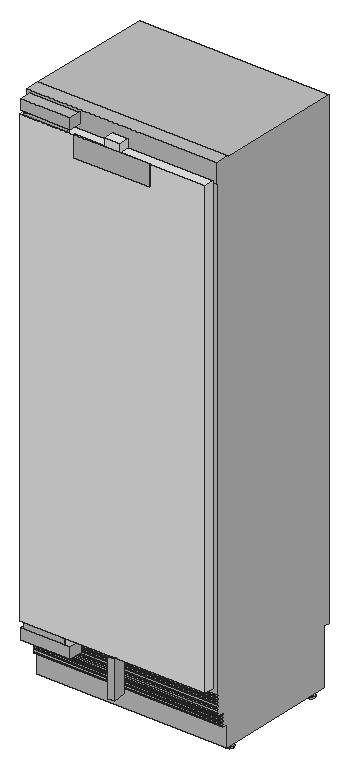
Revit family "FP-Revit18-RS7621FLJK1-Freezer-0-AS-AU-CN-EU-IE-NZ-SG-UK-90001110A", category Specialty Equipment, Revit 2020
Family settings
  Round Connector Dimension = Use Diameter
  Part Type = Normal
  OmniClass Number = 23.40.40.11.11
  OmniClass Title = Refrigerators and Freezers
  Work Plane-Based = No
  Always vertical = Yes
  Cut with Voids When Loaded = Yes
  Shared = No
  Room Calculation Point = No
Parameters (values of type "RS7621FLJE1")
  Visibility - Water Connection = no
  Visibility - Visibility Control Note = yes
  Visibility - Clearance Required = yes
  URL = "www.fisherpaykel.com"
  Stainless Steel Door Panels (RD7621L10D) = no
  Product - Width = 756 mm  # constant formula
  Product - Height = 2134 mm  # constant formula
  Product - Depth (exl front panel) = 610 mm  # constant formula
  Model = "RS7621FLJE1"
  Material - Handle = Fisher & Paykel - Aluminium
  Material - Door Structure = Fisher & Paykel - White
  Material - Door Front = Fisher & Paykel - Stainless Steel
  Material - Body = Fisher & Paykel - Grey
  Manufacturer = "Fisher & Paykel Appliances"
  Handle Style - Contemporary Square (AHD3-RD21) = no
  Handle Style - Contemporary Round (AHS-RD21) = no
  Description = "76cm Integrated Column Freezer, stainless steel interior"
  Default Elevation = 0 mm
  Connector Description - Water = "Water Supply not required"
  Connector Description - Electrical = "230 V,10 A fused electrical supply"
  Cavity - Width = 762 mm  # constant formula
  Cavity - Height = 2134 mm  # constant formula
  Cavity - Depth = 650 mm  # constant formula
Types (4, lengths in mm): name | Visibility - Water Connection | Model | Description | Connector Description - Water
  (no name) | no | "RS7621FLJE1" | "76cm Integrated Column Freezer, stainless steel interior" | "Water Supply not required"
  RS7621FLJK1 | yes | "RS7621FLJK1" | "76cm Integrated Column Freezer with internal ice maker, stainless steel interior" | "1/2 BSP Stainless steel braided hose"
  RS7621FLJE1 | no | "RS7621FLJE1" | "76cm Integrated Column Freezer, stainless steel interior" | "Water Supply not required"
  RS7621FLJ1 | yes | "RS7621FLJ1" | "76cm Integrated Column Freezer with internal ice maker, white interior" | "1/2 BSP Stainless steel braided hose"
Reference planes
  plane 1 "Datum": y = 0
  plane 2: z = 0
  plane 3 "Center (Left/Right)": x = 0
  plane 4 "Product LHS": x = -378
  plane 5 "Product RHS": x = 378
  plane 6 "Product - Depth": y = 610
  plane 7 "Cavity LHS": x = -381
  plane 8 "Cavity RHS": x = 381
  plane 9 "Cavity - Depth": y = 628
  plane 10 "Handle Offset": x = 315
  plane 11 "Product Height": z = 2134
  plane 12 "Cavity Height": z = 2134
  plane 13 "Door Panel Datum": y = -4.1
Forms (mm)
  Extrusion 1, solid, material "Fisher & Paykel - Grey" <- "Material - Body", detail levels fine
    sketch origin (0, 0, 0) x (0, 1, 0) y (0, 0, 1)
      loop
        line (100.1, 19.1) -> (587.9, 19.1) -> (587.9, 239.7) -> (610, 239.7) -> (610, 2131.9) -> (105.1, 2131.9) -> (105.1, 2134) -> (49.9, 2134) -> (49.9, 2059) -> (56, 2059) -> (56, 228.6) -> (59.5, 228.6) -> (59.5, 219.7) -> (56.5, 219.7) -> (56.5, 215.9) -> (59.5, 215.9) -> (59.5, 207) -> (56.5, 207) -> (56.5, 203.2) -> (59.5, 203.2) -> (59.5, 194.3) -> (56.5, 194.3) -> (56.5, 190.5) -> (59.5, 190.5) -> (59.5, 181.6) -> (56.5, 181.6) -> (56.5, 177.8) -> (59.5, 177.8) -> (59.5, 168.9) -> (56.5, 168.9) -> (56.5, 165.1) -> (59.5, 165.1) -> (59.5, 156.2) -> (56.5, 156.2) -> (56.5, 152.4) -> (84.1, 152.4) -> (84.1, 143.5) -> (81.1, 143.5) -> (81.1, 139.7) -> (84.1, 139.7) -> (84.1, 130.8) -> (81.1, 130.8) -> (81.1, 127) -> (84.1, 127) -> (84.1, 118.1) -> (81.1, 118.1) -> (81.1, 114.3) -> (84.1, 114.3) -> (84.1, 105.4) -> (81.1, 105.4) -> (81.1, 101.6) -> (100.1, 101.6) -> (100.1, 19.1)
    from -378 to 378
  Extrusion 2, solid, material "Fisher & Paykel - Grey" <- "Material - Body"
    sketch origin (0, 0, 0) x (1, 0, 0) y (0, 1, 0)
      loop
        circle (-357.5, 547.8) r 4.1
      loop
        circle (-357.5, 141.8) r 4.1
      loop
        circle (357.5, 547.8) r 4.1
      loop
        circle (357.5, 141.8) r 4.1
    from 3 to 19.1
  Extrusion 3, solid, material "Fisher & Paykel - Grey" <- "Material - Body"
    sketch origin (0, 0, 0) x (1, 0, 0) y (0, 1, 0)
      loop
        circle (-357.5, 547.8) r 14.5
      loop
        circle (-357.5, 141.8) r 14.555
      loop
        circle (357.5, 547.8) r 14.5
      loop
        circle (357.5, 141.8) r 14.555
    from 0 to 3
  Extrusion 4, solid, material "Fisher & Paykel - Grey" <- "Material - Body", detail levels fine
    sketch origin (0, 0, 0) x (1, 0, 0) y (0, 1, 0)
      loop
        line (-7.5, 49) -> (-13.797, -4.1) -> (13.797, -4.1) -> (7.5, 49) -> (-7.5, 49)
    from 104.2 to 254.2
  Extrusion 5, solid, material "Fisher & Paykel - Grey" <- "Material - Body", detail levels fine
    sketch origin (0, 0, 0) x (0, 1, 0) y (0, 0, 1)
      loop
        line (0, 2070.6) -> (0, 1988.6) -> (2, 1988.6) -> (2, 2068.6) -> (4, 2068.6) -> (4, 2070.6) -> (0, 2070.6)
    from -150 to 150
  Extrusion 6, solid, material "Fisher & Paykel - Grey" <- "Material - Body"
    sketch origin (0, 0, 0) x (1, 0, 0) y (0, 0, 1)
      loop
        circle (303, 119.813) r 5
      loop
        circle (-303, 119.813) r 5
    from -590 to -587.9
  Extrusion 7, solid, material "Fisher & Paykel - White" <- "Material - Door Structure"
    sketch origin (0, 0, 0) x (1, 0, 0) y (0, 1, 0)
      loop
        line (-353, 56) -> (-353, 42) -> (353, 42) -> (353, 56) -> (-353, 56)
    from 269.6 to 2030.7
  Extrusion 8, solid, material "Fisher & Paykel - White" <- "Material - Door Structure"
    sketch origin (0, 0, 0) x (1, 0, 0) y (0, 1, 0)
      loop
        line (-369.4, 42) -> (-369.4, 3) -> (369.4, 3) -> (369.4, 42) -> (-369.4, 42)
    from 254.2 to 2068.6
  Extrusion 9, solid, material "Fisher & Paykel - White" <- "Material - Door Structure", detail levels fine
    sketch origin (0, 0, 0) x (1, 0, 0) y (0, 0, 1)
      loop
        line (-29.5, 2100.1) -> (-29.5, 2068.6) -> (29.5, 2068.6) -> (29.5, 2100.1) -> (-29.5, 2100.1)
    from -42 to -3
  Extrusion 10, solid, material "Fisher & Paykel - Stainless Steel" <- "Material - Door Front", visible <- "Stainless Steel Door Panels (RD7621L10D)"
    sketch origin (0, 0, 0) x (0, 1, 0) y (0, 0, 1)
      loop
        line (-22.1, 2130.8) -> (-22.1, 102) -> (-4.1, 102) -> (-4.1, 2130.8) -> (-22.1, 2130.8)
    from -378 to 378
  Extrusion 11, solid, material "Fisher & Paykel - Grey" <- "Material - Body", detail levels coarse+medium
    sketch origin (0, 0, 0) x (0, 1, 0) y (0, 0, 1)
      loop
        line (49.9, 2134) -> (49.9, 2059) -> (56, 2059) -> (56, 152.4) -> (81.1, 152.4) -> (81.1, 101.6) -> (100.1, 101.6) -> (100.1, 19.1) -> (587.9, 19.1) -> (587.9, 239.7) -> (610, 239.7) -> (610, 2134) -> (49.9, 2134)
    from -378 to 378
  Extrusion 12, solid, material "Fisher & Paykel - Grey" <- "Material - Body", detail levels fine
    sketch origin (0, 0, 0) x (-1, 0, 0) y (0, 0, -1)
      loop
        line (366.4, -187.65) -> (168.42, -187.65) -> (168.42, -229.75) -> (366.4, -229.75) -> (366.4, -187.65)
    from -56 to -2.5
  Extrusion 13, solid, material "Fisher & Paykel - Grey" <- "Material - Body", detail levels fine
    sketch origin (0, 0, 0) x (-1, 0, 0) y (0, 0, -1)
      loop
        line (366.4, -2123.15) -> (366.4, -2081.05) -> (168.42, -2081.05) -> (168.42, -2123.15) -> (366.4, -2123.15)
    from -49 to -2.5
  Extrusion 14, solid, material "Fisher & Paykel - Grey" <- "Material - Body", detail levels fine
    sketch origin (0, 0, -4) x (0, 1, 0) y (0, 0, 1)
      loop
        arc (163.888, 23.1) -> (180.4, 13.63) -> (196.912, 23.1) r 19.13
        line (196.912, 23.1) -> (163.888, 23.1)
      loop
        arc (493.888, 23.1) -> (510.4, 13.63) -> (526.912, 23.1) r 19.13
        line (526.912, 23.1) -> (493.888, 23.1)
    from 191 to 219
  Extrusion 15, solid, material "Fisher & Paykel - Grey" <- "Material - Body", detail levels fine
    sketch origin (0, 0, -4) x (0, 1, 0) y (0, 0, -1)
      loop
        line (163.888, -23.1) -> (196.912, -23.1)
        arc (196.912, -23.1) -> (180.4, -13.63) -> (163.888, -23.1) r 19.13
      loop
        line (493.888, -23.1) -> (526.912, -23.1)
        arc (526.912, -23.1) -> (510.4, -13.63) -> (493.888, -23.1) r 19.13
    from 191 to 219
  Extrusion 16, solid, material "Fisher & Paykel - Clearance Required", visible <- "Visibility - Clearance Required", detail levels coarse
    sketch origin (0, 0, 0) x (1, 0, 0) y (0, 1, 0)
      loop
        line (-381, 628) -> (-381, -4.1) -> (381, -4.1) -> (381, 628) -> (-381, 628)
    from 0 to 2134
  Extrusion 17, void
    sketch origin (0, 0, 0) x (1, 0, 0) y (0, 1, 0)
      loop
        line (-381, 628) -> (-381, -22.1) -> (381, -22.1) -> (381, 628) -> (-381, 628)
    from 0 to 2134
  Extrusion 18, solid, material "Fisher & Paykel - Grey" <- "Material - Body", detail levels fine
    sketch origin (-73, 0, 0) x (-1, 0, 0) y (0, 0, -1)
      loop
        line (118.4, -254.2) -> (282.9, -254.2) -> (282.9, -229.75) -> (118.4, -229.75) -> (118.4, -254.2)
      loop
        line (106, -2081.05) -> (242.9, -2081.05) -> (282.9, -2076.05) -> (282.9, -2068.6) -> (106, -2068.6) -> (106, -2081.05)
    from -7 to -4
  Extrusion 19, solid, material "Fisher & Paykel - Clearance Required", visible <- "Visibility - Clearance Required", detail levels coarse
    sketch origin (0, 0, 0) x (-1, 0, 0) y (0, -1, 0)
      loop
        line (-328.5, 22) -> (378.07, 22)
        arc (378.07, 22) -> (380.987, 57.006) -> (415.929, 60.595) r 27.504
        line (415.929, 60.595) -> (697.006, 665.395) -> (723.253, 653.197)
        arc (723.253, 653.197) -> (747.815, 662.137) -> (738.875, 686.699) r 18.483
        line (738.875, 686.699) -> (712.602, 698.95) -> (734.607, 746.265)
        arc (734.607, 746.265) -> (-22.041, 691.901) -> (-377.998, 22) r 783.526
        line (-377.998, 22) -> (-328.5, 22)
    from 0 to 2134
Lines and regions (mm)
  model lines, style "Fisher & Paykel"
    curve 1: line (-378, -4.1, 2130.8) -> (378, -4.1, 2130.8)
    curve 2: line (-378, -4.1, 102) -> (-378, -4.1, 2130.8)
    curve 3: line (378, -4.1, 102) -> (-378, -4.1, 102)
    curve 4: line (378, -4.1, 2130.8) -> (378, -4.1, 102)
Text (mm)
  text "Due to ongoing product development, product details are subject to change without notice. \nPlease always refer to www.fisherpaykel.com for the most current product information. \n© Fisher & Paykel 2020" at (41.04, -848.295, 0), in view "Ref. Level (Plan)"
Dimensions and locks
  equal spacing: plane 4 "Product LHS", plane 3 "Center (Left/Right)", plane 5 "Product RHS"
  "Product - Width": plane 4 "Product LHS" to plane 5 "Product RHS"
  "Product - Depth (exl front panel)": plane 1 "Datum" to plane 6 "Product - Depth"
  equal spacing: plane 7 "Cavity LHS", plane 3 "Center (Left/Right)", plane 8 "Cavity RHS"
  "Cavity - Width": plane 7 "Cavity LHS" to plane 8 "Cavity RHS"
  plane 4 "Product LHS" to Extrusion 2 sketch curve = 24.6 mm
  Extrusion 6 sketch curve to Extrusion 1 = 119.887 mm  (x2)
  Extrusion 6 sketch curve to plane 5 "Product RHS" = 75 mm
  plane 4 "Product LHS" to Extrusion 6 sketch curve = 75 mm
  Extrusion 1 sketch curve to Extrusion 1 sketch curve = 82.5 mm
  Extrusion 1 sketch curve to Extrusion 1 sketch curve = 209.5 mm
  Extrusion 1 sketch curve to Extrusion 1 sketch curve = 220.6 mm
  Extrusion 3 to level = 3 mm
  Extrusion 11 to Extrusion 8 = 235.1 mm
  Extrusion 11 to Extrusion 7 = 250.5 mm
  Extrusion 11 to Extrusion 11 = 2114.9 mm
  Extrusion 11 to Extrusion 10 = 82.9 mm
  "Product - Height": level to plane 11 "Product Height"
  plane 11 "Product Height" to Extrusion 10 = 3.2 mm
  Extrusion 8 to plane 11 "Product Height" = 65.4 mm
  Extrusion 7 to plane 11 "Product Height" = 103.3 mm
  Extrusion 11 sketch curve to plane 11 "Product Height" = 75 mm
  Extrusion 1 sketch curve to plane 11 "Product Height" = 2.1 mm
  Extrusion 1 sketch curve to plane 11 "Product Height" = 75 mm
  "Cavity - Height": plane 12 "Cavity Height" to level
  Extrusion 18 sketch curve to Extrusion 18 sketch curve = 40 mm
  Extrusion 18 sketch curve to Extrusion 18 sketch curve = 176.9 mm
  plane 3 "Center (Left/Right)" to Extrusion 18 sketch curve = 179 mm
  plane 3 "Center (Left/Right)" to Extrusion 18 sketch curve = 191.4 mm
  plane 3 "Center (Left/Right)" to Extrusion 18 sketch curve = 355.9 mm
  plane 3 "Center (Left/Right)" to Extrusion 13 sketch curve = 168.42 mm
  plane 3 "Center (Left/Right)" to Extrusion 12 sketch curve = 168.42 mm
  "Cavity - Depth": Extrusion 17 to Extrusion 19
  Extrusion 19 to plane 1 "Datum" = 22 mm
  radius of Extrusion 6 sketch curve = 5 mm
  aligned and locked: level to plane 2
  aligned and locked: Extrusion 10 to plane 5 "Product RHS"
  aligned and locked: plane 4 "Product LHS" to Extrusion 10
  aligned and locked: Extrusion 11 to plane 5 "Product RHS"
  aligned and locked: Extrusion 11 to plane 4 "Product LHS"
  aligned and locked: Extrusion 11 sketch curve to plane 11 "Product Height"
  aligned and locked: plane 11 "Product Height" to Extrusion 1 sketch curve
  aligned and locked: Extrusion 14 sketch curve to Extrusion 14 sketch curve
  aligned and locked: Extrusion 15 sketch curve to Extrusion 15 sketch curve
  aligned and locked: Extrusion 1 to plane 5 "Product RHS"
  aligned and locked: plane 4 "Product LHS" to Extrusion 1
  aligned and locked: Extrusion 11 sketch curve to Extrusion 1  (x4)
  aligned and locked: Extrusion 2 to Extrusion 1
  aligned and locked: nested 2 to plane 10 "Handle Offset"
  aligned and locked: nested 3 to plane 10 "Handle Offset"
Automatic sketch dimensions
  plane 1 "Datum" to Extrusion 4 sketch curve = 4.1 mm
  Extrusion 4 sketch curve to plane 3 "Center (Left/Right)" = 13.797 mm
  Extrusion 4 sketch curve to plane 3 "Center (Left/Right)" = 7.5 mm
  plane 3 "Center (Left/Right)" to Extrusion 4 sketch curve = 7.5 mm
  plane 3 "Center (Left/Right)" to Extrusion 4 sketch curve = 13.797 mm
  Extrusion 4 sketch curve to plane 1 "Datum" = 49 mm
  Extrusion 5 sketch curve to plane 1 "Datum" = 0 mm
  Extrusion 5 sketch curve to plane 1 "Datum" = 2 mm
  Extrusion 5 sketch curve to Extrusion 5 sketch curve = 2 mm  (x2)
  plane 11 "Product Height" to Extrusion 5 sketch curve = 145.4 mm
  plane 11 "Product Height" to Extrusion 5 sketch curve = 65.4 mm
  Extrusion 9 sketch curve to plane 3 "Center (Left/Right)" = 29.5 mm
  plane 3 "Center (Left/Right)" to Extrusion 9 sketch curve = 29.5 mm
  plane 11 "Product Height" to Extrusion 9 sketch curve = 65.4 mm
  Extrusion 9 sketch curve to Extrusion 9 sketch curve = 31.5 mm
  Extrusion 16 sketch curve to plane 7 "Cavity LHS" = 0 mm
  Extrusion 16 sketch curve to plane 8 "Cavity RHS" = 0 mm
  Extrusion 16 sketch curve to plane 9 "Cavity - Depth" = 0 mm
  plane 1 "Datum" to Extrusion 16 sketch curve = 4.1 mm
  Extrusion 17 sketch curve to plane 7 "Cavity LHS" = 0 mm
  Extrusion 17 sketch curve to plane 8 "Cavity RHS" = 0 mm
  plane 9 "Cavity - Depth" to Extrusion 17 sketch curve = 0 mm
  plane 1 "Datum" to Extrusion 17 sketch curve = 22.1 mm
  Extrusion 1 sketch curve to plane 6 "Product - Depth" = 0 mm
  Extrusion 1 sketch curve to Extrusion 1 sketch curve = 22.1 mm
  Extrusion 1 sketch curve to plane 1 "Datum" = 105.1 mm
  level to Extrusion 1 sketch curve = 19.1 mm
  Extrusion 1 sketch curve to plane 1 "Datum" = 100.1 mm
  Extrusion 1 sketch curve to Extrusion 1 sketch curve = 16 mm
  Extrusion 1 sketch curve to Extrusion 1 sketch curve = 0 mm  (x8)
  Extrusion 1 sketch curve to Extrusion 1 sketch curve = 3 mm  (x10)
  Extrusion 1 sketch curve to plane 1 "Datum" = 59.5 mm
  Extrusion 1 sketch curve to plane 1 "Datum" = 56 mm
  Extrusion 1 sketch curve to plane 1 "Datum" = 49.9 mm
  Extrusion 1 sketch curve to Extrusion 1 sketch curve = 3.8 mm  (x10)
  Extrusion 1 sketch curve to Extrusion 1 sketch curve = 8.9 mm  (x9)
  Extrusion 2 sketch curve to plane 4 "Product LHS" = 20.5 mm  (x2)
  plane 5 "Product RHS" to Extrusion 2 sketch curve = 20.5 mm  (x2)
  Extrusion 2 sketch curve to plane 1 "Datum" = 141.8 mm  (x2)
  Extrusion 2 sketch curve to plane 6 "Product - Depth" = 62.2 mm  (x2)
  Extrusion 3 sketch curve to plane 4 "Product LHS" = 20.5 mm  (x2)
  plane 5 "Product RHS" to Extrusion 3 sketch curve = 20.5 mm  (x2)
  Extrusion 3 sketch curve to plane 1 "Datum" = 141.8 mm  (x2)
  Extrusion 3 sketch curve to plane 6 "Product - Depth" = 62.2 mm  (x2)
  Extrusion 7 sketch curve to plane 4 "Product LHS" = 25 mm
  plane 5 "Product RHS" to Extrusion 7 sketch curve = 25 mm
  Extrusion 7 sketch curve to plane 1 "Datum" = 42 mm
  Extrusion 7 sketch curve to Extrusion 7 sketch curve = 14 mm
  Extrusion 8 sketch curve to plane 1 "Datum" = 3 mm
  Extrusion 8 sketch curve to plane 4 "Product LHS" = 8.6 mm
  plane 5 "Product RHS" to Extrusion 8 sketch curve = 8.6 mm
  Extrusion 8 sketch curve to Extrusion 8 sketch curve = 39 mm
  plane 1 "Datum" to Extrusion 10 sketch curve = 22.1 mm
  plane 1 "Datum" to Extrusion 10 sketch curve = 4.1 mm
  level to Extrusion 10 sketch curve = 102 mm
  plane 11 "Product Height" to Extrusion 10 sketch curve = 3.2 mm
  Extrusion 11 sketch curve to plane 6 "Product - Depth" = 0 mm
  Extrusion 11 sketch curve to plane 6 "Product - Depth" = 22.1 mm
  Extrusion 11 sketch curve to plane 1 "Datum" = 100.1 mm
  Extrusion 11 sketch curve to Extrusion 11 sketch curve = 19 mm
  Extrusion 11 sketch curve to plane 1 "Datum" = 56 mm
  Extrusion 11 sketch curve to plane 1 "Datum" = 49.9 mm
  Extrusion 11 sketch curve to Extrusion 11 sketch curve = 50.8 mm
  plane 4 "Product LHS" to Extrusion 12 sketch curve = 11.6 mm
  Extrusion 12 sketch curve to level = 187.65 mm
  Extrusion 12 sketch curve to Extrusion 12 sketch curve = 42.1 mm
  plane 4 "Product LHS" to Extrusion 13 sketch curve = 11.6 mm
  Extrusion 13 sketch curve to plane 11 "Product Height" = 52.95 mm
  Extrusion 13 sketch curve to plane 11 "Product Height" = 10.85 mm
  level to Extrusion 14 sketch curve = 19.1 mm
  Extrusion 14 sketch curve to plane 1 "Datum" = 163.888 mm
  Extrusion 14 sketch curve to Extrusion 14 sketch curve = 16.512 mm  (x2)
  Extrusion 14 sketch curve to plane 6 "Product - Depth" = 116.112 mm
  Extrusion 14 sketch curve to Extrusion 14 sketch curve = 9.66 mm  (x2)
  level to Extrusion 15 sketch curve = 19.1 mm
  Extrusion 15 sketch curve to plane 1 "Datum" = 163.888 mm
  Extrusion 15 sketch curve to Extrusion 15 sketch curve = 16.512 mm  (x2)
  Extrusion 15 sketch curve to plane 6 "Product - Depth" = 116.112 mm
  Extrusion 15 sketch curve to Extrusion 15 sketch curve = 9.66 mm  (x2)
  Extrusion 18 sketch curve to level = 229.75 mm
  Extrusion 18 sketch curve to Extrusion 18 sketch curve = 24.45 mm
  Extrusion 18 sketch curve to plane 11 "Product Height" = 65.4 mm
  Extrusion 18 sketch curve to Extrusion 18 sketch curve = 7.45 mm
  Extrusion 18 sketch curve to Extrusion 18 sketch curve = 5 mm
  Extrusion 19 sketch curve to plane 5 "Product RHS" = 0.002 mm
  plane 10 "Handle Offset" to Extrusion 19 sketch curve = 13.5 mm
  Extrusion 19 sketch curve to plane 4 "Product LHS" = 0.07 mm
  Extrusion 19 sketch curve to plane 7 "Cavity LHS" = 19.621 mm
  Extrusion 19 sketch curve to Extrusion 19 sketch curve = 4.795 mm
  Extrusion 19 sketch curve to Extrusion 19 sketch curve = 10.514 mm
  Extrusion 19 sketch curve to plane 7 "Cavity LHS" = 316.006 mm
  Extrusion 19 sketch curve to Extrusion 19 sketch curve = 15.596 mm
  Extrusion 19 sketch curve to Extrusion 19 sketch curve = 26.247 mm
  Extrusion 19 sketch curve to Extrusion 19 sketch curve = 7.811 mm  (x2)
  Extrusion 19 sketch curve to Extrusion 19 sketch curve = 22.005 mm
  Extrusion 19 sketch curve to plane 1 "Datum" = 746.265 mm
  Extrusion 19 sketch curve to Extrusion 19 sketch curve = 47.315 mm
  Extrusion 19 sketch curve to Extrusion 19 sketch curve = 12.251 mm
  Extrusion 19 sketch curve to Extrusion 19 sketch curve = 16.751 mm
  Extrusion 19 sketch curve to Extrusion 19 sketch curve = 12.198 mm
  Extrusion 19 sketch curve to Extrusion 19 sketch curve = 22.85 mm
  plane 5 "Product RHS" to curve 1 = 0 mm
  plane 4 "Product LHS" to curve 3 = 0 mm
  level to curve 3 = 102 mm
  plane 11 "Product Height" to curve 2 = 3.2 mm
  radius of Extrusion 2 sketch curve = 4.1 mm  (x3)
  radius of Extrusion 3 sketch curve = 14.5 mm  (x2)
  radius of Extrusion 3 sketch curve = 14.555 mm  (x2)
  radius of Extrusion 6 sketch curve = 5 mm
Nested families
  nested 1: "Visibility Control Note 18" at (0, 0, 0), visible <- "Visibility - Visibility Control Note", type "Visibility Control Note 18"
  nested 2: "Handle Contemporary Round - Vertical" at (315, -22.1, 1242.58), visible <- "Handle Style - Contemporary Round (AHS-RD21)", type "AHS-RD21 - Contemporary round handle (Vertical) 852mm"
  nested 3: "Handle Contemporary Square - Vertical" at (315, -22.1, 1242.58), visible <- "Handle Style - Contemporary Square (AHD3-RD21)", type "AHD3-RD21 - Contemporary square handle (Vertical) 852mm"
Connectors
  electrical at (-303, 590, 119.813), driven by "Connector Description - Electrical"
    settings: on Extrusion 6, index 1, voltage 230 V, apparent load 0 VA, apparent load phase1 0 VA, apparent load phase2 0 VA, apparent load phase3 0 VA, power factor 1, load classification "Other", number of poles 1, system type 30, power factor state 1, is connector primary yes, connector utility no, sub classification motor no, connector description "230 V,10 A fused electrical supply"
  piping at (303, 590, 119.813), diameter 12.7, driven by "Visibility - Water Connection", driven by "Connector Description - Water"
    settings: on Extrusion 6, index 2, connector inside diameter 609.6 mm, connector length 0 mm, flow factor 0, pipe flow 0.0 L/s, pressure drop 0.0 Pa, fitting loss kfactor 0, connector angle 0.00°, fixture units 0, engagement length 0 mm, angle of deflection 0.00°, flow configuration 0, flow direction 1, fitting loss method 0, system type 20, joint type 0, gender type 0, connector reference index -1, connector utility 0, adjustable connector no, is connector primary yes, connector description "Water Supply not required"
Definition of nested family "Handle Contemporary Round - Vertical"
  Parameters (values of type "AHSRS80A - Contemporary round handle (1 of 2) (Vertical) 727mm")
    URL = "www.fisherpaykel.com"
    Material - Handle = none
    Manufacturer = "Fisher & Paykel Appliances"
    Handle - Length = 727 mm
    Default Elevation = 0 mm
  Types (6, lengths in mm): name | Handle - Length
    AHS-RD21 - Contemporary round handle (Vertical) 852mm | 852
    AHSRD2484W - Contemporary round handle (1 of 2) (Vertical) 727mm | 727
    AHSRD3084W - Contemporary round handle (1 of 2) (Vertical) 727mm | 727
    AHS-RD84 - Contemporary round handle (Vertical) 852mm | 852
    AHSRS3272A - Contemporary round handle (1 of 2) (Vertical) 727mm | 727
    AHSRS80A - Contemporary round handle (1 of 2) (Vertical) 727mm | 727
  Reference planes
    plane 1 "Center (Front/Back)": y = 0
    plane 2: z = 0
    plane 3 "Center (Left/Right)": x = 0
    plane 4 "Top": z = 363.5
    plane 5 "Bottom": z = -363.5
    plane 6 "Top Standoff": z = 243.5
    plane 7 "Bottom Standoff": z = -243.5
  Forms (mm)
    Extrusion 1, solid, material <- "Material - Handle"
      sketch origin (0, 0, 0) x (1, 0, 0) y (0, 1, 0)
        loop
          circle (0, -32.3) r 8.7
      from -243.5 to 243.5
    Extrusion 2, solid, material <- "Material - Handle", detail levels fine
      sketch origin (0, 0, 0) x (1, 0, 0) y (0, 1, 0)
        loop
          line (-8.7, 0) -> (-8.7, -32.3)
          arc (-8.7, -32.3) -> (0, -41) -> (8.7, -32.3) r 8.7
          line (8.7, -32.3) -> (8.7, 0) -> (-8.7, 0)
      from 243.5 to 363.5
    Extrusion 3, solid, material <- "Material - Handle", detail levels fine
      sketch origin (0, 0, 0) x (1, 0, 0) y (0, 1, 0)
        loop
          line (-8.7, 0) -> (-8.7, -32.3)
          arc (-8.7, -32.3) -> (0, -41) -> (8.7, -32.3) r 8.7
          line (8.7, -32.3) -> (8.7, 0) -> (-8.7, 0)
      from -363.5 to -243.5
    Sweep 4, void
      path in 3D
        loop
          line (8.7, 0, -363.5) -> (8.7, -32.3, -363.5)
          arc (8.7, -32.3, -363.5) -> (0, -41, -363.5) -> (-8.7, -32.3, -363.5) r 8.7
          line (-8.7, -32.3, -363.5) -> (-8.7, 0, -363.5)
      profile origin (8.7, -16.15, -363.5) x (-1, 0, 0) y (0, 0, -1)
        loop
          line (0, 0) -> (0, -1) -> (1, 0) -> (0, 0)
    Sweep 5, void
      path in 3D
        loop
          line (-8.7, 0, 363.5) -> (-8.7, -32.3, 363.5)
          arc (-8.7, -32.3, 363.5) -> (0, -41, 363.5) -> (8.7, -32.3, 363.5) r 8.7
          line (8.7, -32.3, 363.5) -> (8.7, 0, 363.5)
      profile origin (8.7, -16.15, 363.5) x (-1, 0, 0) y (0, 0, 1)
        loop
          line (0, 0) -> (0, -1) -> (1, 0) -> (0, 0)
    Extrusion 6, solid, material <- "Material - Handle", detail levels coarse+medium
      sketch origin (0, 0, 0) x (1, 0, 0) y (0, 1, 0)
        loop
          line (-8.7, 0) -> (-8.7, -32.3)
          arc (-8.7, -32.3) -> (0, -41) -> (8.7, -32.3) r 8.7
          line (8.7, -32.3) -> (8.7, 0) -> (-8.7, 0)
      from 243.5 to 363.5
    Extrusion 7, solid, material <- "Material - Handle", detail levels coarse+medium
      sketch origin (0, 0, 0) x (1, 0, 0) y (0, 1, 0)
        loop
          line (-8.7, 0) -> (-8.7, -32.3)
          arc (-8.7, -32.3) -> (0, -41) -> (8.7, -32.3) r 8.7
          line (8.7, -32.3) -> (8.7, 0) -> (-8.7, 0)
      from -363.5 to -243.5
  Cuts and joins
    Sweep 4 cuts Extrusion 3
    Sweep 5 cuts Extrusion 2
  Lines and regions (mm)
    sketch lines
      curve 1: line (8.7, 0, -363.5) -> (8.7, -32.3, -363.5)
      curve 2: arc (-8.7, -32.3, -363.5) -> (0, -41, -363.5) -> (8.7, -32.3, -363.5) r 8.7
      curve 3: line (-8.7, -32.3, -363.5) -> (-8.7, 0, -363.5)
      curve 4: line (8.7, -32.3, 363.5) -> (8.7, 0, 363.5)
      curve 5: arc (8.7, -32.3, 363.5) -> (0, -41, 363.5) -> (-8.7, -32.3, 363.5) r 8.7
      curve 6: line (-8.7, 0, 363.5) -> (-8.7, -32.3, 363.5)
  Dimensions and locks
    equal spacing: plane 4 "Top", level, plane 5 "Bottom"
    "Handle - Length": plane 4 "Top" to plane 5 "Bottom"
    locked: plane 4 "Top" to plane 6 "Top Standoff" at 120
    locked: plane 7 "Bottom Standoff" to plane 5 "Bottom" at 120
    Extrusion 2 sketch curve to Extrusion 2 sketch curve = 17.4 mm
    Extrusion 3 sketch curve to Extrusion 3 sketch curve = 17.4 mm
    Extrusion 6 sketch curve to Extrusion 6 sketch curve = 17.4 mm
    Extrusion 7 sketch curve to Extrusion 7 sketch curve = 17.4 mm
    aligned and locked: level to plane 2
    aligned and locked: plane 4 "Top" to Extrusion 2
    aligned and locked: Extrusion 3 to plane 5 "Bottom"
    aligned and locked: plane 7 "Bottom Standoff" to Extrusion 3
    aligned and locked: Extrusion 1 to plane 7 "Bottom Standoff"
    aligned and locked: plane 6 "Top Standoff" to Extrusion 1
    aligned and locked: Extrusion 2 to Extrusion 1
    aligned and locked: Extrusion 6 to Extrusion 1
    aligned and locked: plane 4 "Top" to Extrusion 6
    aligned and locked: Extrusion 7 to Extrusion 1
    aligned and locked: Extrusion 7 to plane 5 "Bottom"
  Automatic sketch dimensions
    Extrusion 1 sketch curve to plane 3 "Center (Left/Right)" = 0 mm
    plane 1 "Center (Front/Back)" to Extrusion 1 sketch curve = 32.3 mm
    plane 1 "Center (Front/Back)" to Extrusion 2 sketch curve = 0 mm
    Extrusion 2 sketch curve to plane 3 "Center (Left/Right)" = 0 mm
    Extrusion 2 sketch curve to plane 3 "Center (Left/Right)" = 8.7 mm
    plane 1 "Center (Front/Back)" to Extrusion 2 sketch curve = 32.3 mm
    plane 1 "Center (Front/Back)" to Extrusion 3 sketch curve = 0 mm
    Extrusion 3 sketch curve to plane 3 "Center (Left/Right)" = 0 mm
    Extrusion 3 sketch curve to plane 3 "Center (Left/Right)" = 8.7 mm
    plane 1 "Center (Front/Back)" to Extrusion 3 sketch curve = 32.3 mm
    Sweep 4 sketch curve to profile plane = 0 mm  (x2)
    Sweep 4 sketch curve to profile plane = 1 mm  (x2)
    Sweep 5 sketch curve to profile plane = 0 mm  (x2)
    Sweep 5 sketch curve to profile plane = 1 mm  (x2)
    Extrusion 6 sketch curve to plane 3 "Center (Left/Right)" = 0 mm
    Extrusion 6 sketch curve to plane 3 "Center (Left/Right)" = 8.7 mm
    plane 1 "Center (Front/Back)" to Extrusion 6 sketch curve = 32.3 mm
    Extrusion 6 sketch curve to Extrusion 6 sketch curve = 32.3 mm
    Extrusion 7 sketch curve to plane 3 "Center (Left/Right)" = 0 mm
    Extrusion 7 sketch curve to plane 3 "Center (Left/Right)" = 8.7 mm
    plane 1 "Center (Front/Back)" to Extrusion 7 sketch curve = 32.3 mm
    Extrusion 7 sketch curve to Extrusion 7 sketch curve = 32.3 mm
    radius of Extrusion 1 sketch curve = 8.7 mm
Definition of nested family "Handle Contemporary Square - Vertical"
  Parameters (values of type "AHD3RS80A - Contemporary square handle (1 of 2) (Vertical) 727mm")
    URL = "www.fisherpaykel.com"
    Material - Handle = none
    Manufacturer = "Fisher & Paykel Appliances"
    Handle - Length = 727 mm
    Default Elevation = 0 mm
  Types (7, lengths in mm): name | Handle - Length
    (no name) | 727
    AHD3-RD21 - Contemporary square handle (Vertical) 852mm | 852
    AHD3RD2484W - Contemporary square handle (1 of 2) (Vertical) 727mm | 727
    AHD3RD3084W - Contemporary square handle (1 of 2) (Vertical) 727mm | 727
    AHD3-RD84 - Contemporary square handle (Vertical) 852mm | 852
    AHD3RS3272A - Contemporary square handle (1 of 2) (Vertical) 727mm | 727
    AHD3RS80A - Contemporary square handle (1 of 2) (Vertical) 727mm | 727
  Reference planes
    plane 1 "Center (Front/Back)": y = 0
    plane 2: z = 0
    plane 3 "Center (Left/Right)": x = 0
    plane 4 "Top": z = 363.5
    plane 5 "Bottom": z = -363.5
    plane 6 "Top Standoff": z = 243.5
    plane 7 "Bottom Standoff": z = -243.5
  Forms (mm)
    Extrusion 1, solid, material <- "Material - Handle", detail levels fine
      sketch origin (0, 0, 0) x (1, 0, 0) y (0, 1, 0)
        loop
          arc (-7.583, -28.701) -> (-7.89, -29.057) -> (-8, -29.514) r 1
          line (-8, -29.514) -> (-8, -40.5)
          arc (-8, -40.5) -> (-7.561, -41.561) -> (-6.5, -42) r 1.5
          line (-6.5, -42) -> (6.5, -42)
          arc (6.5, -42) -> (7.561, -41.561) -> (8, -40.5) r 1.5
          line (8, -40.5) -> (8, -29.487)
          arc (8, -29.487) -> (7.889, -29.029) -> (7.58, -28.673) r 1
          arc (7.58, -28.673) -> (-0.006, -26.256) -> (-7.583, -28.701) r 13.038
      from -363.5 to 363.5
    Extrusion 2, solid, material <- "Material - Handle", detail levels fine
      sketch origin (0, 0, 0) x (1, 0, 0) y (0, 1, 0)
        loop
          arc (7.058, -28.23) -> (7.466, -28.244) -> (7.674, -27.893) r 0.4
          line (7.674, -27.893) -> (7.674, 0) -> (-7.674, 0) -> (-7.674, -27.86)
          arc (-7.674, -27.86) -> (-7.467, -28.21) -> (-7.06, -28.198) r 0.4
          arc (-7.06, -28.198) -> (0.004, -26.156) -> (7.058, -28.23) r 13.136
      from 243.5 to 363.5
    Extrusion 3, solid, material <- "Material - Handle", detail levels fine
      sketch origin (0, 0, 0) x (1, 0, 0) y (0, 1, 0)
        loop
          arc (7.058, -28.23) -> (7.466, -28.244) -> (7.674, -27.893) r 0.4
          line (7.674, -27.893) -> (7.674, 0) -> (-7.674, 0) -> (-7.674, -27.86)
          arc (-7.674, -27.86) -> (-7.467, -28.21) -> (-7.06, -28.198) r 0.4
          arc (-7.06, -28.198) -> (0.004, -26.156) -> (7.058, -28.23) r 13.136
      from -363.5 to -243.5
    Sweep 4, void
      path in 3D
        loop
          line (-8, -29.514, 363.5) -> (-8, -40.5, 363.5)
          arc (-8, -40.5, 363.5) -> (-7.561, -41.561, 363.5) -> (-6.5, -42, 363.5) r 1.5
          line (-6.5, -42, 363.5) -> (6.5, -42, 363.5)
          arc (6.5, -42, 363.5) -> (7.561, -41.561, 363.5) -> (8, -40.5, 363.5) r 1.5
          line (8, -40.5, 363.5) -> (8, -29.487, 363.5)
      profile origin (8, -34.994, 363.5) x (-1, 0, 0) y (0, 0, 1)
        loop
          line (0, 0) -> (0, -1.3) -> (1.3, 0) -> (0, 0)
    Sweep 5, void
      path in 3D
        loop
          line (8, -29.487, -363.5) -> (8, -40.5, -363.5)
          arc (8, -40.5, -363.5) -> (7.561, -41.561, -363.5) -> (6.5, -42, -363.5) r 1.5
          line (6.5, -42, -363.5) -> (-6.5, -42, -363.5)
          arc (-6.5, -42, -363.5) -> (-7.561, -41.561, -363.5) -> (-8, -40.5, -363.5) r 1.5
          line (-8, -40.5, -363.5) -> (-8, -29.514, -363.5)
      profile origin (8, -34.994, -363.5) x (-1, 0, 0) y (0, 0, -1)
        loop
          line (0, 0) -> (0, -1.3) -> (1.3, 0) -> (0, 0)
    Extrusion 6, void
      sketch origin (0, 0, 0) x (1, 0, 0) y (0, 0, 1)
        loop
          line (-8, -362.2) -> (-8, -363.5) -> (-6.7, -363.5) -> (-8, -362.2)
        loop
          line (8, -362.2) -> (6.7, -363.5) -> (8, -363.5) -> (8, -362.2)
      from 0 to 40
    Extrusion 7, void
      sketch origin (0, 0, 0) x (1, 0, 0) y (0, 0, 1)
        loop
          line (-8, 363.5) -> (-8, 362.2) -> (-6.7, 363.5) -> (-8, 363.5)
        loop
          line (8, 363.5) -> (6.7, 363.5) -> (8, 362.2) -> (8, 363.5)
      from 0 to 40
    Extrusion 8, solid, material <- "Material - Handle", detail levels coarse+medium
      sketch origin (0, 0, 0) x (0, 1, 0) y (0, 0, 1)
        loop
          line (0, 363.5) -> (-42, 363.5) -> (-42, -363.5) -> (0, -363.5) -> (0, -243.5) -> (-26.245, -243.5) -> (-26.245, 243.5) -> (0, 243.5) -> (0, 363.5)
      from -8 to 8
  Cuts and joins
    Sweep 4, Sweep 5, Extrusion 6, Extrusion 7 cuts Extrusion 1
    Extrusion 6 cuts Extrusion 3
    Extrusion 7 cuts Extrusion 2
  Lines and regions (mm)
    sketch lines
      curve 1: line (8, -40.5, 363.5) -> (8, -29.487, 363.5)
      curve 2: arc (8, -40.5, 363.5) -> (7.561, -41.561, 363.5) -> (6.5, -42, 363.5) r 1.5
      curve 3: line (-6.5, -42, 363.5) -> (6.5, -42, 363.5)
      curve 4: arc (-6.5, -42, 363.5) -> (-7.561, -41.561, 363.5) -> (-8, -40.5, 363.5) r 1.5
      curve 5: line (-8, -29.514, 363.5) -> (-8, -40.5, 363.5)
      curve 6: line (8, -29.487, -363.5) -> (8, -40.5, -363.5)
      curve 7: arc (6.5, -42, -363.5) -> (7.561, -41.561, -363.5) -> (8, -40.5, -363.5) r 1.5
      curve 8: line (6.5, -42, -363.5) -> (-6.5, -42, -363.5)
      curve 9: arc (-8, -40.5, -363.5) -> (-7.561, -41.561, -363.5) -> (-6.5, -42, -363.5) r 1.5
      curve 10: line (-8, -40.5, -363.5) -> (-8, -29.514, -363.5)
  Dimensions and locks
    equal spacing: plane 4 "Top", level, plane 5 "Bottom"
    "Handle - Length": plane 4 "Top" to plane 5 "Bottom"
    locked: plane 4 "Top" to plane 6 "Top Standoff" at 120
    locked: plane 7 "Bottom Standoff" to plane 5 "Bottom" at 120
    aligned and locked: level to plane 2
    aligned and locked: plane 4 "Top" to Extrusion 2
    aligned and locked: Extrusion 2 to plane 6 "Top Standoff"
    aligned and locked: plane 4 "Top" to Extrusion 1
    aligned and locked: Extrusion 1 to plane 5 "Bottom"
    aligned and locked: Extrusion 3 to plane 5 "Bottom"
    aligned and locked: plane 7 "Bottom Standoff" to Extrusion 3
    aligned and locked: plane 4 "Top" to Extrusion 8 sketch curve
    aligned and locked: plane 6 "Top Standoff" to Extrusion 8 sketch curve
    aligned and locked: plane 7 "Bottom Standoff" to Extrusion 8 sketch curve
    aligned and locked: plane 5 "Bottom" to Extrusion 8 sketch curve
    aligned and locked: plane 1 "Center (Front/Back)" to Extrusion 8 sketch curve  (x2)
  Automatic sketch dimensions
    Extrusion 1 sketch curve to plane 3 "Center (Left/Right)" = 8 mm
    Extrusion 1 sketch curve to Extrusion 1 sketch curve = 1 mm  (x2)
    Extrusion 1 sketch curve to Extrusion 1 sketch curve = 1.5 mm
    plane 3 "Center (Left/Right)" to Extrusion 1 sketch curve = 0.018 mm
    plane 3 "Center (Left/Right)" to Extrusion 1 sketch curve = 6.5 mm
    plane 3 "Center (Left/Right)" to Extrusion 1 sketch curve = 7 mm
    plane 1 "Center (Front/Back)" to Extrusion 1 sketch curve = 42 mm
    Extrusion 1 sketch curve to Extrusion 1 sketch curve = 1.206 mm
    Extrusion 1 sketch curve to Extrusion 1 sketch curve = 10.986 mm
    Extrusion 1 sketch curve to Extrusion 1 sketch curve = 11.013 mm
    Extrusion 1 sketch curve to Extrusion 1 sketch curve = 0 mm
    plane 1 "Center (Front/Back)" to Extrusion 2 sketch curve = 0 mm
    Extrusion 2 sketch curve to plane 3 "Center (Left/Right)" = 7.674 mm
    Extrusion 2 sketch curve to Extrusion 2 sketch curve = 0.4 mm  (x2)
    Extrusion 2 sketch curve to plane 3 "Center (Left/Right)" = 0.026 mm
    plane 3 "Center (Left/Right)" to Extrusion 2 sketch curve = 7.274 mm
    plane 1 "Center (Front/Back)" to Extrusion 2 sketch curve = 27.86 mm
    Extrusion 2 sketch curve to Extrusion 2 sketch curve = 0.033 mm
    Extrusion 2 sketch curve to Extrusion 2 sketch curve = 11.398 mm
    Extrusion 2 sketch curve to Extrusion 2 sketch curve = 0 mm
    plane 1 "Center (Front/Back)" to Extrusion 3 sketch curve = 0 mm
    Extrusion 3 sketch curve to Extrusion 3 sketch curve = 0.4 mm  (x2)
    Extrusion 3 sketch curve to Extrusion 3 sketch curve = 7.248 mm
    Extrusion 3 sketch curve to Extrusion 3 sketch curve = 7.3 mm
    plane 1 "Center (Front/Back)" to Extrusion 3 sketch curve = 27.86 mm
    Extrusion 3 sketch curve to Extrusion 3 sketch curve = 0.033 mm
    Extrusion 3 sketch curve to Extrusion 3 sketch curve = 11.398 mm
    Extrusion 3 sketch curve to Extrusion 3 sketch curve = 0 mm
    Sweep 4 sketch curve to profile plane = 0 mm  (x2)
    Sweep 4 sketch curve to profile plane = 1.3 mm  (x2)
    Sweep 5 sketch curve to profile plane = 0 mm  (x2)
    Sweep 5 sketch curve to profile plane = 1.3 mm  (x2)
    Extrusion 6 sketch curve to plane 5 "Bottom" = 0 mm  (x2)
    plane 5 "Bottom" to Extrusion 6 sketch curve = 1.3 mm  (x2)
    Extrusion 6 sketch curve to plane 3 "Center (Left/Right)" = 8 mm
    Extrusion 6 sketch curve to Extrusion 6 sketch curve = 1.3 mm  (x2)
    plane 3 "Center (Left/Right)" to Extrusion 6 sketch curve = 8 mm
    Extrusion 7 sketch curve to plane 4 "Top" = 0 mm  (x2)
    Extrusion 7 sketch curve to plane 3 "Center (Left/Right)" = 8 mm
    Extrusion 7 sketch curve to Extrusion 7 sketch curve = 1.3 mm  (x2)
    plane 3 "Center (Left/Right)" to Extrusion 7 sketch curve = 8 mm
    Extrusion 7 sketch curve to plane 4 "Top" = 1.3 mm  (x2)
    plane 1 "Center (Front/Back)" to Extrusion 8 sketch curve = 26.245 mm
    plane 1 "Center (Front/Back)" to Extrusion 8 sketch curve = 42 mm
    Extrusion 3 sketch curve to plane 3 "Center (Left/Right)" = 7.674 mm
Definition of nested family "Visibility Control Note 18"
  Types (3): name
    New
    Resolved
    Active
  Reference planes
    plane 1: y = 0
    plane 2: x = 0
  Text (mm)
    text "Edit Type: \nTo control handle kit \nand door panel visibility\n options\n\nDelete unwanted kits \nto reduce file size" at (-0.165, 35.556, 0)
